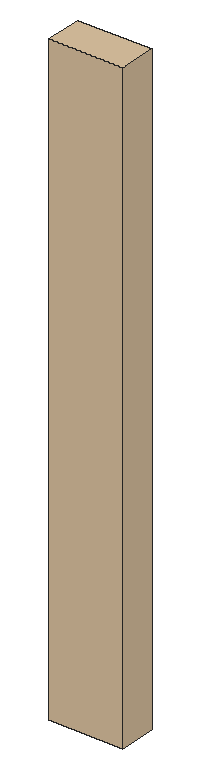
Revit family
Parameters (values of type "1.5" x One High")
  Warranty = "www.haworth.com/en-us/Products/Pages/Certifications.aspx"
  URL - Product = "www.haworth.com/en-us/Spaces/2011-NeoCon/New-Products/Pages/Beside-Storage.aspx"
  Two High = not(or(One High, One and One Half High))  # no
  Sustainability Info = "www.haworth.com/en-us/About-Us/Sustainability/Pages/Vision.aspx"
  Storage Top Height = 1 3/16"  # constant formula
  Spacer Height = 1 3/16"  # constant formula
  Panel Offset = Base Height - 1/4"  # 1 3/4"
  Panel Finish = Haworth - Laminate - Maple H-AE
  One and One Half High = no
  One High = yes
  Model = "Filler Panel"
  URL = "www.haworth.com"
  Size = "Verify Final Dim. w/ Haworth"  # constant formula
  Revision Number = "1"  # constant formula
  Standard Width = "1.5, 2.75, 5 in."  # constant formula
  Standard Height = "17, 23, 29 in."  # constant formula
  Min. Width = 1 1/2"  # constant formula
  Min. Height = 17"  # constant formula
  Max. Width = 5 13/128"  # constant formula
  Max. Height = 29"  # constant formula
  Manufacturer = "Haworth"  # constant formula
  LEED Data = "www2.haworth.com/Promo/Reside-Beside-Belong/LEED-Beside.pdf"
  Description = "Beside Storage Filler Panel"  # constant formula
  Panel Height = Actual Height - Storage Top Height - Spacer Height - Base Height - 1/4"  # 12 3/8"
  Base Height = 2"  # constant formula
  Author = "SHAPE Environments, LLC"  # constant formula
  Assembly Code = "E2020200"
  Actual Width = if([1.5" Width], 1 1/2", if([2.75" Width], 2 3/4", 5"))  # 1 1/2"
  Actual Height = if(One High, 17", if(One and One Half High, 23", 29"))  # 17"
  Actual Depth = 3/4"  # constant formula
  5" Width = not(or([1.5" Width], [2.75" Width]))  # no
  2.75" Width = no
  1.5" Width = yes
Types (9): name | Two High | One and One Half High | One High | Panel Height | Actual Width | Actual Height | 5" Width | 2.75" Width | 1.5" Width
  1.5" x One High | no | no | yes | 12 3/8" | 1 1/2" | 17" | no | no | yes
  2.75" x One High | no | no | yes | 12 3/8" | 2 3/4" | 17" | no | yes | no
  5" x One High | no | no | yes | 12 3/8" | 5" | 17" | yes | no | no
  1.5" x One and One Half High | no | yes | no | 18 3/8" | 1 1/2" | 23" | no | no | yes
  2.75" x One and One Half High | no | yes | no | 18 3/8" | 2 3/4" | 23" | no | yes | no
  5" x One and One Half High | no | yes | no | 18 3/8" | 5" | 23" | yes | no | no
  1.5" x Two High | yes | no | no | 24 3/8" | 1 1/2" | 29" | no | no | yes
  2.75" x Two High | yes | no | no | 24 3/8" | 2 3/4" | 29" | no | yes | no
  5" x Two High | yes | no | no | 24 3/8" | 5" | 29" | yes | no | no
Reference planes (in)
  plane 1 "Bottom": z = 0
  plane 2 "Center L/R": x = 11.875
  plane 3 "Top": z = 14.125
  plane 4 "Back": y = 9.75845
  plane 5 "Center F/B": y = 9.38345
  plane 6 "Front": y = 9.00845
  plane 7 "Left": x = 11.125
  plane 8 "Right": x = 12.625
  plane 9 "Panel Offset": z = 1.75
Forms (in)
  Extrusion 1, solid, material "Haworth - Laminate - Maple H-AE" <- "Panel Finish"
    sketch origin (0, 0, 0) x (1, 0, 0) y (0, 1, 0)
      loop
        line (11.125, 9.75845) -> (11.125, 9.00845) -> (12.625, 9.00845) -> (12.625, 9.75845) -> (11.125, 9.75845)
    from 1.75 to 14.125
Lines and regions (in)
  Masking region 1
    outline origin (0, 0, 14.125) x (-1, 0, 0) y (0, -1, 0)
      loop
        line (-11.125, -9.75845) -> (-11.125, -9.00845) -> (-12.625, -9.00845) -> (-12.625, -9.75845) -> (-11.125, -9.75845)
Dimensions and locks (in)
  equal spacing: plane 4 "Back", plane 5 "Center F/B", plane 6 "Front"
  "Actual Depth": plane 4 "Back" to plane 6 "Front"
  equal spacing: plane 7 "Left", plane 2 "Center L/R", plane 8 "Right"
  "Actual Width": plane 7 "Left" to plane 8 "Right"
  "Panel Offset": plane 9 "Panel Offset" to level
  "Panel Height": plane 3 "Top" to plane 9 "Panel Offset"
  aligned and locked: Extrusion 1 sketch curve to plane 4 "Back"
  aligned and locked: plane 6 "Front" to Extrusion 1 sketch curve
  aligned and locked: Extrusion 1 to plane 7 "Left"
  aligned and locked: plane 8 "Right" to Extrusion 1
  aligned and locked: plane 3 "Top" to Extrusion 1
  aligned and locked: Extrusion 1 to plane 9 "Panel Offset"
  aligned and locked: Masking region 1 sketch curve to Extrusion 1  (x3)
  aligned and locked: Extrusion 1 to Masking region 1 sketch curve
Automatic sketch dimensions
  Extrusion 1 sketch curve to plane 7 "Left" = 0"
  Extrusion 1 sketch curve to plane 8 "Right" = 0"
